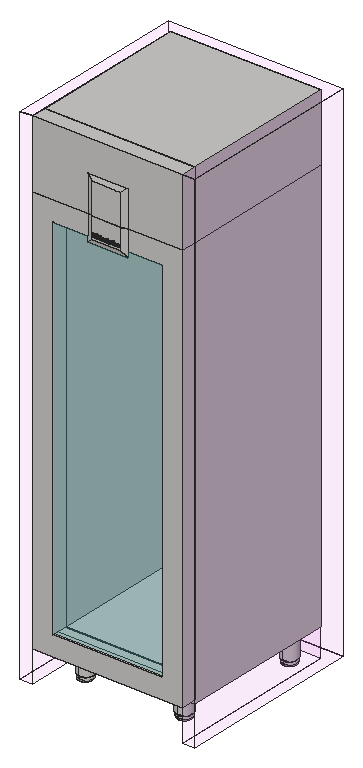
Revit family "QF_ELECTROLUXPROFESSIONAL_691347_PS04R1GLHC", category Specialty Equipment, Revit 2018
Family settings
  Round Connector Dimension = Use Diameter
  Part Type = Normal
  Work Plane-Based = No
  Always vertical = Yes
  Cut with Voids When Loaded = No
  Shared = No
  Room Calculation Point = No
Parameters (values of type "Standard")
  Weight = 21.3976 lbm
  Watts = 0 W
  Volts = 220 V
  URL Manufacturer = "http://professional.electrolux.com"
  URL = "http://professional.electrolux.com"
  Steam Supply Size = 0"
  Steam Supply Minimum Pressure = 0.00 psi
  Steam Supply Maximum Pressure = 0.00 psi
  Steam Pounds per Hour = 0
  Show Clearance [instance] = yes
  Refrigeration Suction Line Size = 0"
  Refrigeration Liquid Line Size = 0"
  Refrigerant Compressor Remote = yes
  Phase = 1
  Model = "PS04R1GLHC"
  Manufacturer = "Electrolux Professional"
  Length Actual = 600 mm  # constant formula
  Item Number = "691347"
  Hot Water Size = 0"
  Height Actual = 2040 mm  # constant formula
  HP = "0.3 HP"
  Gas Size = 0"
  Gas KW = 0
  Gas Input Pressure = 0.0 Btu/h
  Direct Waste Size = 0"
  Description = "1-GLASS DOOR REFRIGERATOR 470LT, PROSTORE-LEFT HINGED-R290"
  Depth Actual = 700 mm  # constant formula
  Cycle = 50 Hz
  Condensate Return Size = 0"
  Compressed Air Volume = 0 GPM
  Compressed Air Size = 0"
  Compressed Air Pressure = 0.00 psi
  Cold Water Size = 0"
  Accessory = yes
Types (2, lengths in mm): name | URL | Phase | Model | Manufacturer | Description
  (no name) | "http://professional.electrolux.com/" | 0 | "RBC201" | "Electrolux" | "BLAST CHILLER 56 KG 20 GN1/1"
  Standard | "http://professional.electrolux.com" | 1 | "PS04R1GLHC" | "Electrolux Professional" | "1-GLASS DOOR REFRIGERATOR 470LT, PROSTORE-LEFT HINGED-R290"
Values of the unnamed type that differ from the named types
  Volts = 380 V
  URL Manufacturer = "http://professional.electrolux.com/"
  Item Number = "726624"
Reference planes
  plane 1 "BACK": y = 0
  plane 2: z = 0
  plane 3 "LEFT": x = 0
  plane 4 "RIGHT": x = 600
  plane 5 "FRONT": y = -700
  plane 6 "TOP": z = 2040
  plane 7 "Center Y": x = 300
  plane 8 "Center X": y = -350
  plane 9: x = 102
  plane 10: x = 498
  plane 11: z = 115
  plane 12: z = 86
  plane 13: y = -80
  plane 14: y = -694
  plane 15: y = -1227
  plane 16: y = -630
  plane 17: z = 1770
  plane 18: x = -50
  plane 19: y = 50
  plane 20: x = 650
Forms (mm)
  Extrusion 1, solid, material "QF_Metal - Stainless - Polished"
    sketch origin (0, 0, 0) x (1, 0, 0) y (0, 0, 1)
      loop
        line (0, 2040) -> (0, 1770) -> (600, 1770) -> (600, 2040) -> (0, 2040)
    from 0 to 630
  Extrusion 2, solid, material "QF_Metal - Stainless - Polished"
    sketch origin (0, 0, 0) x (1, 0, 0) y (0, 0, 1)
      loop
        line (0, 1770) -> (0, 115) -> (600, 115) -> (600, 1770) -> (0, 1770)
    from 0 to 630
  Extrusion 3, solid, material "QF_Metal - Stainless - Polished"
    sketch origin (-370, 0, -128) x (1, 0, 0) y (0, 0, 1)
      loop
        circle (450, 1847.083) r 20
    from -7.507 to 0
  Extrusion 4, solid, material "QF_Metal - Stainless - Polished"
    sketch origin (0, 130.478, 0) x (1, 0, 0) y (0, 0, 1)
      loop
        line (0, 2040) -> (0, 1770) -> (600, 1770) -> (600, 2040) -> (0, 2040)
    from 760.478 to 824.478
  Extrusion 5, solid, material "QF_Metal - Stainless - Polished"
    sketch origin (0, 140, 0) x (1, 0, 0) y (0, 0, 1)
      loop
        line (0, 1770) -> (0, 127.536) -> (600, 127.536) -> (600, 1770) -> (0, 1770)
      loop
        line (80, 207.536) -> (520, 207.536) -> (520, 1690) -> (80, 1690) -> (80, 207.536)
    from 834 to 770
  Revolve 6, solid, material "QF_Metal - Stainless - Polished"
    sketch origin (497.59, -2.833, 0) x (0, 1, 0) y (0, 0, -1)
      loop
        line (-590.954, -115) -> (-553.167, -115) -> (-553.167, 0) -> (-578.757, 0)
        arc (-578.757, 0) -> (-580.973, -2.655) -> (-581.767, -6.021) r 7.527
        line (-581.767, -6.021) -> (-581.767, -17.561) -> (-585.28, -21.074) -> (-585.28, -110.008) -> (-590.954, -110.008) -> (-590.954, -115)
      axis (-553.167, 0) -> (-553.167, -115)
    angle from 0 to 360
  Revolve 7, solid, material "QF_Metal - Stainless - Polished"
    sketch origin (102, -2.833, 0) x (0, 1, 0) y (0, 0, 1)
      loop
        line (-590.954, 115) -> (-590.954, 110.008) -> (-585.28, 110.008) -> (-585.28, 21.074) -> (-581.767, 17.561) -> (-581.767, 6.021)
        arc (-581.767, 6.021) -> (-580.973, 2.655) -> (-578.757, 0) r 7.527
        line (-578.757, 0) -> (-553.167, 0) -> (-553.167, 115) -> (-590.954, 115)
      axis (-553.167, 0) -> (-553.167, 115)
    angle from 0 to 360
  Revolve 8, solid, material "QF_Metal - Stainless - Polished"
    sketch origin (538, -759.167, 0) x (0, -1, 0) y (0, 0, 1)
      loop
        line (-716.954, 115) -> (-716.954, 110.008) -> (-711.28, 110.008) -> (-711.28, 21.074) -> (-707.767, 17.561) -> (-707.767, 6.021)
        arc (-707.767, 6.021) -> (-706.973, 2.655) -> (-704.757, 0) r 7.527
        line (-704.757, 0) -> (-679.167, 0) -> (-679.167, 115) -> (-716.954, 115)
      axis (-679.167, 0) -> (-679.167, 115)
    angle from 0 to 360
  Revolve 9, solid, material "QF_Metal - Stainless - Polished"
    sketch origin (62, -759.167, 0) x (0, -1, 0) y (0, 0, 1)
      loop
        line (-716.954, 115) -> (-716.954, 110.008) -> (-711.28, 110.008) -> (-711.28, 21.074) -> (-707.767, 17.561) -> (-707.767, 6.021)
        arc (-707.767, 6.021) -> (-706.973, 2.655) -> (-704.757, 0) r 7.527
        line (-704.757, 0) -> (-679.167, 0) -> (-679.167, 115) -> (-716.954, 115)
      axis (-679.167, 0) -> (-679.167, 115)
    angle from 0 to 360
  Blend 10, solid, material "QF_Metal - Stainless - Polished"
    base sketch origin (-150, -694, 0) x (1, 0, 0) y (0, 0, 1)
      loop
        line (370, 1914.822) -> (370, 1664.822) -> (530, 1664.822) -> (530, 1914.822) -> (370, 1914.822)
    top sketch origin (-150, -694, 0) x (1, 0, 0) y (0, 0, 1)
      loop
        line (510, 1894.822) -> (390, 1894.822) -> (390, 1684.822) -> (510, 1684.822) -> (510, 1894.822)
    from 0 to 6
  Extrusion 11, void
    sketch origin (-150, -700, 0) x (-1, 0, 0) y (0, 0, 1)
      loop
        line (-370, 1770.997) -> (-530, 1770.997) -> (-530, 1769.003) -> (-370, 1769.003) -> (-370, 1770.997)
    from 0 to 6
  Extrusion 12, solid, material "QF_Door-Drawer Clearances"
    sketch origin (0, 0, 0) x (1, 0, 0) y (0, 1, 0)
      loop
        line (0, -694) -> (0, 0) -> (600, 0) -> (600, -694) -> (650, -694) -> (650, 50) -> (-50, 50) -> (-50, -694) -> (0, -694)
    from 0 to 2040
  Extrusion 13, void
    sketch origin (0, -630, 0) x (-1, 0, 0) y (0, 0, 1)
      loop
        line (-80, 1690) -> (-520, 1690) -> (-520, 207.536) -> (-80, 207.536) -> (-80, 1690)
    from 0 to 550
  Extrusion 14, solid, material "QF_Glass"
    sketch origin (0, -694, 0) x (1, 0, 0) y (0, 0, 1)
      loop
        line (80, 1690) -> (80, 207.536) -> (520, 207.536) -> (520, 1690) -> (80, 1690)
    from -5.204 to -22.013
  Extrusion 15, solid, material "QF_Door-Drawer Clearances", visible <- "Show Clearance", detail levels coarse
    sketch origin (600, 0, 0) x (-1, 0, 0) y (0, -1, 0)
      loop
        line (600, 694) -> (600, 1227)
        arc (600, 1227) -> (187.42, 1087.232) -> (0, 694) r 559.707
        line (0, 694) -> (600, 694)
    from 127.536 to 1770
Cuts and joins
  Extrusion 11 cuts Extrusion 1
  Extrusion 11, Extrusion 13 cuts Extrusion 2
  Extrusion 11 cuts Extrusion 4
  Extrusion 11 cuts Extrusion 5
  Extrusion 11 cuts Blend 10
Lines and regions (mm)
  Split face 1
    outline origin (-150, -700, 0) x (1, 0, 0) y (0, 0, 1)
      loop
        line (415, 1894.822) -> (415, 1742.499) -> (485, 1742.499) -> (485, 1894.822)
  symbolic lines
    curve 1: line (0, 0, 0) -> (600, 0, 0)
    curve 2: line (0, -694, 0) -> (0, 0, 0)
    curve 3: line (600, -694, 0) -> (0, -694, 0)
    curve 4: line (600, 0, 0) -> (600, -694, 0)
    curve 5: line (0, -630, 0) -> (600, -630, 0)
    curve 6: line (220, -694, 0) -> (240, -700, 0)
    curve 7: line (240, -700, 0) -> (360, -700, 0)
    curve 8: line (360, -700, 0) -> (380, -694, 0)
  symbolic lines, style "QF_Door-Drawer Clearances"
    curve 9: line (0, -694, 0) -> (-50, -694, 0)
    curve 10: line (-50, -694, 0) -> (-50, 50, 0)
    curve 11: line (-50, 50, 0) -> (650, 50, 0)
    curve 12: line (650, 50, 0) -> (650, -694, 0)
    curve 13: line (650, -694, 0) -> (600, -694, 0)
    curve 14: arc (600, -694, 0) -> (412.58, -1087.232, 0) -> (0, -1227, 0) r 559.707
    curve 15: line (0, -1227, 0) -> (0, -694, 0)
Dimensions and locks
  equal spacing: plane 3 "LEFT", plane 7 "Center Y", plane 4 "RIGHT"
  plane 3 "LEFT" to plane 4 "RIGHT" = 600 mm
  equal spacing: plane 5 "FRONT", plane 8 "Center X", plane 1 "BACK"
  plane 5 "FRONT" to plane 1 "BACK" = 700 mm
  plane 6 "TOP" to level = 2040 mm
  plane 9 to plane 3 "LEFT" = 102 mm
  plane 10 to plane 4 "RIGHT" = 102 mm
  plane 11 to level = 115 mm
  plane 12 to plane 11 = 29 mm
  plane 1 "BACK" to plane 13 = 80 mm
  plane 15 to plane 1 "BACK" = 1227 mm
  plane 11 to plane 2 = 115 mm
  plane 1 "BACK" to plane 16 = 630 mm
  plane 18 to plane 3 "LEFT" = 50 mm
  plane 4 "RIGHT" to plane 20 = 50 mm
  plane 1 "BACK" to plane 19 = 50 mm
  aligned and locked: level to plane 2
  aligned and locked: Extrusion 4 to plane 4 "RIGHT"
  aligned and locked: Extrusion 4 to plane 3 "LEFT"
  aligned and locked: plane 5 "FRONT" to Blend 10
  aligned and locked: Extrusion 13 sketch curve to cut or joined group of Extrusion 5, Extrusion 11  (x4)
  aligned and locked: Extrusion 14 sketch curve to cut or joined group of Extrusion 2, Extrusion 11, Extrusion 13  (x4)
Automatic sketch dimensions
  plane 14 to curve 9 = 0 mm
  curve 9 to plane 18 = 0 mm
  plane 1 "BACK" to curve 2 = 0 mm
  curve 2 to plane 3 "LEFT" = 0 mm
  plane 5 "FRONT" to curve 6 = 0 mm
  curve 4 to plane 4 "RIGHT" = 0 mm
  curve 12 to plane 20 = 0 mm
  curve 15 to plane 15 = 0 mm
  curve 5 to plane 16 = 0 mm
  curve 12 to plane 19 = 0 mm
  curve 14 to plane 14 = 25.214 mm
  curve 6 to plane 7 "Center Y" = 60 mm
  plane 7 "Center Y" to curve 8 = 60 mm
  curve 6 to curve 6 = 20 mm
  curve 7 to curve 8 = 20 mm
  Extrusion 1 sketch curve to plane 3 "LEFT" = 0 mm
  plane 4 "RIGHT" to Extrusion 1 sketch curve = 0 mm
  Extrusion 1 sketch curve to plane 17 = 0 mm
  Extrusion 1 sketch curve to plane 6 "TOP" = 0 mm
  Extrusion 2 sketch curve to plane 3 "LEFT" = 0 mm
  plane 4 "RIGHT" to Extrusion 2 sketch curve = 0 mm
  Extrusion 2 sketch curve to plane 11 = 0 mm
  Extrusion 2 sketch curve to plane 17 = 0 mm
  Extrusion 3 sketch curve to plane 9 = 22 mm
  Extrusion 3 sketch curve to plane 17 = 50.917 mm
  Extrusion 4 sketch curve to plane 3 "LEFT" = 0 mm
  plane 4 "RIGHT" to Extrusion 4 sketch curve = 0 mm
  Extrusion 4 sketch curve to plane 17 = 0 mm
  Extrusion 4 sketch curve to plane 6 "TOP" = 0 mm
  Extrusion 5 sketch curve to plane 3 "LEFT" = 0 mm
  plane 4 "RIGHT" to Extrusion 5 sketch curve = 0 mm
  Extrusion 5 sketch curve to plane 17 = 0 mm
  Extrusion 5 sketch curve to plane 9 = 22 mm
  Extrusion 5 sketch curve to plane 10 = 22 mm
  Extrusion 5 sketch curve to plane 17 = 80 mm
  plane 11 to Extrusion 5 sketch curve = 92.536 mm
  plane 11 to Extrusion 5 sketch curve = 12.536 mm
  plane 11 to Revolve 6 sketch curve = 0 mm
  Revolve 6 sketch curve to level = 0 mm
  plane 16 to Revolve 6 sketch curve = 36.213 mm
  Revolve 6 sketch curve to Revolve 6 sketch curve = 5.674 mm
  Revolve 6 sketch curve to Revolve 6 sketch curve = 3.513 mm  (x2)
  Revolve 6 sketch curve to Revolve 6 sketch curve = 3.01 mm
  level to Revolve 6 sketch curve = 6.021 mm
  Revolve 6 sketch curve to Revolve 6 sketch curve = 21.073 mm
  Revolve 6 sketch curve to plane 11 = 4.992 mm  (x2)
  Revolve 6 sketch curve to Revolve 6 sketch curve = 15.053 mm
  Revolve 6 sketch curve to Revolve 6 sketch curve = 0 mm
  Revolve 6 sketch curve to Revolve 6 sketch curve = 20.008 mm
  Revolve 7 sketch curve to plane 11 = 0 mm
  Revolve 7 sketch curve to level = 0 mm
  plane 16 to Revolve 7 sketch curve = 36.213 mm
  Revolve 7 sketch curve to Revolve 7 sketch curve = 5.674 mm
  Revolve 7 sketch curve to Revolve 7 sketch curve = 3.513 mm  (x2)
  Revolve 7 sketch curve to Revolve 7 sketch curve = 3.01 mm
  level to Revolve 7 sketch curve = 6.021 mm
  Revolve 7 sketch curve to Revolve 7 sketch curve = 21.073 mm
  Revolve 7 sketch curve to Revolve 7 sketch curve = 11.54 mm
  Revolve 7 sketch curve to plane 11 = 4.992 mm
  Revolve 7 sketch curve to Revolve 7 sketch curve = 0 mm
  Revolve 7 sketch curve to Revolve 7 sketch curve = 4.992 mm
  plane 11 to Revolve 7 sketch curve = 20.008 mm
  Revolve 8 sketch curve to plane 11 = 0 mm
  Revolve 8 sketch curve to level = 0 mm
  Revolve 8 sketch curve to plane 13 = 0 mm  (x2)
  level to Revolve 8 sketch curve = 6.021 mm
  Revolve 8 sketch curve to plane 13 = 21.073 mm
  Revolve 8 sketch curve to Revolve 8 sketch curve = 4.517 mm
  Revolve 8 sketch curve to Revolve 8 sketch curve = 3.513 mm  (x2)
  Revolve 8 sketch curve to Revolve 8 sketch curve = 5.674 mm
  Revolve 8 sketch curve to Revolve 8 sketch curve = 11.54 mm
  Revolve 8 sketch curve to plane 11 = 4.992 mm  (x2)
  Revolve 8 sketch curve to Revolve 8 sketch curve = 20.008 mm
  Revolve 9 sketch curve to plane 11 = 0 mm
  Revolve 9 sketch curve to level = 0 mm
  Revolve 9 sketch curve to plane 13 = 0 mm  (x2)
  Revolve 9 sketch curve to level = 6.021 mm
  plane 13 to Revolve 9 sketch curve = 21.073 mm
  Revolve 9 sketch curve to Revolve 9 sketch curve = 4.517 mm
  Revolve 9 sketch curve to Revolve 9 sketch curve = 3.513 mm  (x2)
  Revolve 9 sketch curve to Revolve 9 sketch curve = 5.674 mm
  Revolve 9 sketch curve to Revolve 9 sketch curve = 11.54 mm
  plane 11 to Revolve 9 sketch curve = 4.992 mm  (x2)
  Revolve 9 sketch curve to Revolve 9 sketch curve = 20.008 mm
  Extrusion 5 to Blend 10 sketch curve = 25.178 mm
  Extrusion 5 to Blend 10 sketch curve = 140 mm  (x2)
  Extrusion 5 to Blend 10 sketch curve = 144.822 mm
  Extrusion 5 to Blend 10 sketch curve = 160 mm
  Extrusion 5 to Blend 10 sketch curve = 5.178 mm
  Blend 10 sketch curve to Blend 10 sketch curve = 120 mm
  Extrusion 5 to Blend 10 sketch curve = 124.822 mm
  Split face 1 sketch curve to Blend 10 = 0 mm  (x2)
  Split face 1 sketch curve to Blend 10 = 25 mm  (x2)
  Split face 1 sketch curve to Blend 10 = 57.677 mm
  Extrusion 11 sketch curve to Blend 10 = 20 mm  (x2)
  Blend 10 to Extrusion 11 sketch curve = 84.181 mm
  Extrusion 11 sketch curve to Extrusion 11 sketch curve = 1.995 mm
  plane 14 to Extrusion 12 sketch curve = 0 mm  (x2)
  Extrusion 12 sketch curve to plane 18 = 0 mm
  Extrusion 12 sketch curve to plane 3 "LEFT" = 0 mm
  Extrusion 12 sketch curve to plane 4 "RIGHT" = 0 mm
  Extrusion 12 sketch curve to plane 19 = 0 mm
  Extrusion 12 sketch curve to plane 20 = 0 mm
  plane 1 "BACK" to Extrusion 12 sketch curve = 0 mm
  Extrusion 15 sketch curve to plane 4 "RIGHT" = 0 mm
  Extrusion 15 sketch curve to plane 3 "LEFT" = 0 mm
  plane 14 to Extrusion 15 sketch curve = 0 mm
  Extrusion 15 sketch curve to plane 15 = 0 mm
  Extrusion 15 sketch curve to plane 14 = 25.214 mm
  radius of Extrusion 3 sketch curve = 20 mm
Nested families
  nested 1: "ELX_Logo_S" at (300.625, -700, 1704.375) x (1, 0, 0) z (0, -1, 0), type "ELX_Logo_S"
Connectors
  electrical at (80, 7.507, 1719.083), driven by "Volts"
    settings: on Extrusion 3, index 2, voltage 220 V, apparent load 0 VA, apparent load phase1 0 VA, apparent load phase2 0 VA, apparent load phase3 0 VA, power factor 1, load classification "Other", number of poles 1, system type 30, power factor state 1, is connector primary yes, connector utility no, sub classification motor no, connector description "Electrical Connection"
Definition of nested family "ELX_Logo_S"
  Parameters (values of type "ELX_Logo_S")
    Default Elevation = 0 mm
  Reference planes
    plane 1 "Centro (Fronte/Retro)": y = 0
    plane 2: z = 0
    plane 3 "Centro (Sinistra/Destra)": x = 0
  Forms (mm)
    Extrusion 1, solid
      sketch origin (0, 0, 0) x (1, 0, 0) y (0, 1, 0)
        loop
          line (-1219.2, 1219.2) -> (-1219.2, -1219.2) -> (1219.2, -1219.2) -> (1219.2, 1219.2) -> (-1219.2, 1219.2)
      from 0 to -304.8
    Extrusion 2, solid
      sketch origin (0, 0, 0) x (1, 0, 0) y (0, 1, 0)
        loop
          line (-43.793, 5.912) -> (-43.793, -6.455)
          arc (-43.793, -6.455) -> (-39.222, -0.272) -> (-43.793, 5.912) r 6.467
        loop
          arc (-44.422, 5.912) -> (-49.565, 4.743) -> (-52.043, 0.087) r 6.338
          line (-52.043, 0.087) -> (-49.997, 0.087)
          arc (-49.997, 0.087) -> (-46.342, 1.57) -> (-44.422, 5.016) r 5.941
          line (-44.422, 5.016) -> (-44.422, 5.912)
        loop
          arc (-44.422, -5.559) -> (-46.342, -2.114) -> (-49.997, -0.63) r 5.941
          line (-49.997, -0.63) -> (-52.043, -0.63)
          arc (-52.043, -0.63) -> (-49.569, -5.324) -> (-44.422, -6.614) r 6.504
          line (-44.422, -6.614) -> (-44.422, -5.559)
        loop
          line (-52.512, 6.586) -> (-52.512, -7.158) -> (-38.749, -7.158) -> (-38.749, 6.586) -> (-52.512, 6.586)
        loop
          arc (-35.782, 6.67) -> (-36.139, 6.322) -> (-35.801, 5.955) r 0.358
          arc (-35.801, 5.955) -> (-35.051, 5.641) -> (-34.666, 4.924) r 1.216
          line (-34.666, 4.924) -> (-34.666, -5.488)
          arc (-34.666, -5.488) -> (-34.944, -6.148) -> (-35.54, -6.544) r 1.238
          arc (-35.54, -6.544) -> (-35.791, -6.939) -> (-35.437, -7.244) r 0.358
          line (-35.437, -7.244) -> (-25.558, -7.244) -> (-25.558, -4.494) -> (-26.455, -4.494)
          arc (-26.455, -4.494) -> (-27.035, -5.403) -> (-28.012, -5.858) r 1.928
          line (-28.012, -5.858) -> (-30.511, -5.858)
          arc (-30.511, -5.858) -> (-31.24, -5.583) -> (-31.604, -4.894) r 1.101
          line (-31.604, -4.894) -> (-31.604, -0.808) -> (-27.931, -0.808)
          arc (-27.931, -0.808) -> (-27.434, -1.16) -> (-27.206, -1.725) r 1.083
          arc (-27.206, -1.725) -> (-26.9, -1.989) -> (-26.622, -1.697) r 0.292
          line (-26.622, -1.697) -> (-26.622, 1.265)
          arc (-26.622, 1.265) -> (-26.895, 1.568) -> (-27.225, 1.329) r 0.305
          arc (-27.225, 1.329) -> (-27.473, 0.839) -> (-27.931, 0.534) r 1.083
          line (-27.931, 0.534) -> (-31.604, 0.534) -> (-31.604, 5.211) -> (-27.857, 5.211)
          arc (-27.857, 5.211) -> (-27.101, 4.997) -> (-26.603, 4.39) r 1.314
          arc (-26.603, 4.39) -> (-26.199, 4.171) -> (-25.907, 4.526) r 0.361
          line (-25.907, 4.526) -> (-25.907, 6.67) -> (-35.782, 6.67)
        loop
          arc (-25.126, 5.953) -> (-24.207, 5.572) -> (-23.827, 4.654) r 1.299
          line (-23.827, 4.654) -> (-23.827, -4.925)
          arc (-23.827, -4.925) -> (-24.205, -5.763) -> (-25.083, -6.035) r 1.118
          line (-25.083, -6.035) -> (-25.083, -7.244) -> (-19.733, -7.244) -> (-19.733, -6.056)
          arc (-19.733, -6.056) -> (-20.65, -5.784) -> (-21.046, -4.914) r 1.153
          line (-21.046, -4.914) -> (-21.046, 7.158) -> (-25.126, 5.953)
        loop
          line (-17.097, -2.28) -> (-10.65, -2.28) -> (-10.65, -1.481)
          arc (-10.65, -1.481) -> (-11.634, 1.1) -> (-14.088, 2.369) r 3.874
          line (-14.088, 2.369) -> (-15.848, 2.369)
          arc (-15.848, 2.369) -> (-18.713, 1.182) -> (-19.899, -1.682) r 4.051
          line (-19.899, -1.682) -> (-19.899, -3.691)
          arc (-19.899, -3.691) -> (-18.414, -6.509) -> (-15.407, -7.561) r 4.352
          arc (-15.407, -7.561) -> (-12.944, -7.196) -> (-10.87, -5.819) r 5.713
          line (-10.87, -5.819) -> (-10.87, -4.87)
          arc (-10.87, -4.87) -> (-12.439, -5.603) -> (-14.157, -5.819) r 5.579
          arc (-14.157, -5.819) -> (-16.12, -5.025) -> (-17.097, -3.146) r 3.057
          line (-17.097, -3.146) -> (-17.097, -2.28)
        loop
          line (-17.097, -1.02) -> (-13.515, -1.02)
          arc (-13.515, -1.02) -> (-13.468, 0.436) -> (-14.627, 1.319) r 1.59
          line (-14.627, 1.319) -> (-15.457, 1.319)
          arc (-15.457, 1.319) -> (-16.712, 0.455) -> (-17.097, -1.02) r 2.184
        loop
          arc (-1.232, 1.771) -> (-2.906, 2.259) -> (-4.643, 2.417) r 9.023
          line (-4.643, 2.417) -> (-6.005, 2.417)
          arc (-6.005, 2.417) -> (-8.805, 1.257) -> (-9.965, -1.542) r 3.959
          line (-9.965, -1.542) -> (-9.965, -4.142)
          arc (-9.965, -4.142) -> (-8.672, -6.424) -> (-6.299, -7.541) r 4.331
          line (-6.299, -7.541) -> (-4.164, -7.541)
          arc (-4.164, -7.541) -> (-2.614, -7.033) -> (-1.268, -6.112) r 5.772
          arc (-1.268, -6.112) -> (-1.217, -5.35) -> (-1.976, -5.263) r 0.553
          arc (-1.976, -5.263) -> (-2.71, -5.651) -> (-3.529, -5.785) r 2.573
          line (-3.529, -5.785) -> (-5.044, -5.785)
          arc (-5.044, -5.785) -> (-6.686, -4.779) -> (-7.328, -2.965) r 2.884
          line (-7.328, -2.965) -> (-7.328, -1.686)
          arc (-7.328, -1.686) -> (-6.768, 0.135) -> (-5.103, 1.062) r 2.554
          line (-5.103, 1.062) -> (-4.05, 1.062)
          arc (-4.05, 1.062) -> (-3.122, 0.73) -> (-2.387, 0.073) r 2.564
          arc (-2.387, 0.073) -> (-1.67, -0.148) -> (-1.232, 0.461) r 0.643
          line (-1.232, 0.461) -> (-1.232, 1.771)
        loop
          line (-0.962, 0.752) -> (0.539, 0.752) -> (0.539, -5.296)
          arc (0.539, -5.296) -> (1.197, -6.884) -> (2.785, -7.541) r 2.246
          line (2.785, -7.541) -> (4.369, -7.541)
          arc (4.369, -7.541) -> (5.233, -7.228) -> (6.005, -6.727) r 4.06
          arc (6.005, -6.727) -> (6.138, -5.995) -> (5.437, -5.743) r 0.576
          arc (5.437, -5.743) -> (4.911, -5.849) -> (4.379, -5.785) r 1.69
          arc (4.379, -5.785) -> (3.591, -5.244) -> (3.288, -4.337) r 1.506
          line (3.288, -4.337) -> (3.288, 0.801) -> (5.685, 0.801) -> (6.241, 1.357) -> (6.241, 2.179) -> (3.382, 2.179) -> (3.382, 5.41) -> (-0.962, 0.752)
        loop
          line (7.139, -7.324) -> (12.526, -7.324) -> (12.526, -6.214)
          arc (12.526, -6.214) -> (11.575, -5.82) -> (11.181, -4.869) r 1.345
          line (11.181, -4.869) -> (11.181, -1.253)
          arc (11.181, -1.253) -> (11.773, -0.488) -> (12.695, -0.199) r 1.615
          line (12.695, -0.199) -> (14.251, -0.199) -> (14.936, 2.357) -> (13.553, 2.357) -> (10.994, 0.414) -> (10.994, 2.295) -> (8.288, 2.01)
          arc (8.288, 2.01) -> (7.758, 1.571) -> (7.959, 0.912) r 0.621
          arc (7.959, 0.912) -> (8.301, 0.512) -> (8.484, 0.018) r 1.501
          line (8.484, 0.018) -> (8.484, -4.869)
          arc (8.484, -4.869) -> (8.09, -5.82) -> (7.139, -6.214) r 1.345
          line (7.139, -6.214) -> (7.139, -7.324)
        loop
          line (14.473, -1.222) -> (14.473, -3.914)
          arc (14.473, -3.914) -> (15.781, -6.36) -> (18.311, -7.494) r 4.288
          arc (18.311, -7.494) -> (19.692, -7.557) -> (21.072, -7.494) r 15.022
          arc (21.072, -7.494) -> (23.603, -6.36) -> (24.91, -3.914) r 4.288
          line (24.91, -3.914) -> (24.91, -1.222)
          arc (24.91, -1.222) -> (23.603, 1.223) -> (21.072, 2.357) r 4.288
          arc (21.072, 2.357) -> (19.692, 2.421) -> (18.311, 2.357) r 15.022
          arc (18.311, 2.357) -> (15.781, 1.223) -> (14.473, -1.222) r 4.288
        loop
          line (17.587, -1.017) -> (17.587, -4.119)
          arc (17.587, -4.119) -> (19.744, -6.276) -> (21.901, -4.119) r 2.157
          line (21.901, -4.119) -> (21.901, -1.017)
          arc (21.901, -1.017) -> (19.744, 1.14) -> (17.587, -1.017) r 2.157
        loop
          arc (24.768, 5.964) -> (25.662, 5.593) -> (26.033, 4.699) r 1.264
          line (26.033, 4.699) -> (26.033, -5.165)
          arc (26.033, -5.165) -> (25.636, -6.035) -> (24.72, -6.307) r 1.153
          line (24.72, -6.307) -> (24.72, -7.244) -> (29.828, -7.244) -> (29.828, -6.316)
          arc (29.828, -6.316) -> (29.056, -5.957) -> (28.741, -5.165) r 1.153
          line (28.741, -5.165) -> (28.741, 7.158) -> (24.768, 5.964)
        loop
          arc (29.365, 1.084) -> (30.43, 0.885) -> (30.912, -0.085) r 1.215
          line (30.912, -0.085) -> (30.912, -5.105)
          arc (30.912, -5.105) -> (31.559, -6.719) -> (33.142, -7.44) r 2.338
          line (33.142, -7.44) -> (34.657, -7.44)
          arc (34.657, -7.44) -> (35.661, -7.266) -> (36.547, -6.763) r 2.979
          line (36.547, -6.763) -> (38.344, -7.244) -> (40.032, -7.244) -> (40.032, 2.181) -> (35.829, 1.887) -> (35.829, 1.101)
          arc (35.829, 1.101) -> (36.665, 0.745) -> (37.174, -0.007) r 1.605
          line (37.174, -0.007) -> (37.174, -5.11)
          arc (37.174, -5.11) -> (36.237, -5.531) -> (35.213, -5.603) r 2.94
          arc (35.213, -5.603) -> (34.112, -5.042) -> (33.669, -3.889) r 1.724
          line (33.669, -3.889) -> (33.669, 2.307) -> (29.365, 1.084)
        loop
          line (40.886, 2.112) -> (42.932, 0.44) -> (45.238, -2.734) -> (42.126, -6.191)
          arc (42.126, -6.191) -> (41.732, -6.428) -> (41.273, -6.405) r 0.789
          line (41.273, -6.405) -> (41.273, -7.244) -> (44.818, -7.244) -> (44.818, -6.418)
          arc (44.818, -6.418) -> (44.456, -6.076) -> (44.548, -5.586) r 0.52
          line (44.548, -5.586) -> (46.019, -3.786) -> (47.394, -5.904)
          arc (47.394, -5.904) -> (47.084, -6.305) -> (46.585, -6.392) r 0.7
          line (46.585, -6.392) -> (46.585, -7.244) -> (52.512, -7.244) -> (52.512, -6.358)
          arc (52.512, -6.358) -> (51.853, -6.291) -> (51.322, -5.896) r 1.247
          line (51.322, -5.896) -> (48.041, -1.696) -> (50.094, 0.751) -> (51.836, 2.112) -> (48.112, 2.112) -> (48.535, 0.627) -> (47.258, -0.895) -> (46.068, 0.806) -> (46.844, 2.112) -> (40.886, 2.112)
      from 0 to 1.644
  Dimensions and locks
    aligned and locked: plane 2 to Extrusion 1
    aligned and locked: level to Extrusion 1
